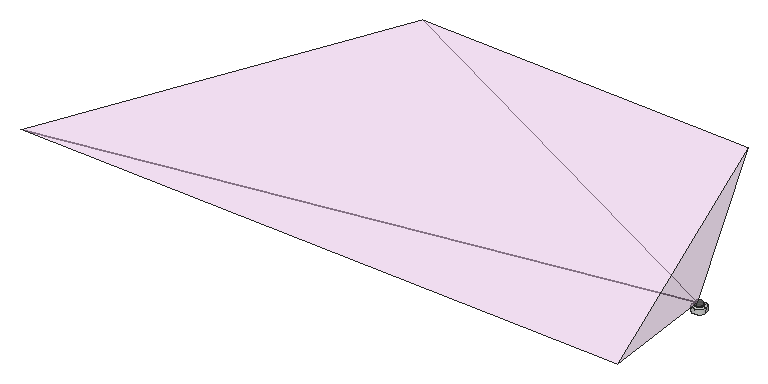
Revit family "Camera-Security-Panasonic-Super_Dynamic-Dome-AI-H265-Network-X2551LNSeriesX", category Security Devices, host Face, Revit 2019
Family settings
  Host = Face
  Maintain Annotation Orientation = No
  Round Connector Dimension = Use Diameter
  Part Type = Normal
  OmniClass Number = 23.85.10.14.11
  OmniClass Title = Cameras
  Cut with Voids When Loaded = No
  Shared = No
  Room Calculation Point = No
Parameters (values of type "WV-X2551LN")
  z Zero = 0.000"  # constant formula
  z Yaw Actual [instance] = if(and(On Wall, not(On Ceiling)), Yaw Actual, Yaw Actual + 180.00°)  # 180.00°
  z VV Viewpoint Depth Min = z VV Viewpoint Depth Max  # 1.18504"
  z VV Viewpoint Depth Max = if(Camera Number = 2551, 1.18504", if(Camera Number = 2571, 1.27953", 1.18504"))  # 1.18504"
  z VV Viewpoint Depth [instance] = (z VV Viewpoint Depth Max - z VV Viewpoint Depth Min) * z HFOV Ratio + z VV Viewpoint Depth Min  # 1.18504"
  z VV Origin Horizontal Offset [instance] = 0.000"
  z VV Origin HeightX [instance] = 2.42126"  # constant formula
  z VV Origin Height [instance] = if(z Decoration Cover Visible, z Embedded Bottom Offset + z VV Origin HeightX, if(z Base Bracket Visible, z VV Origin HeightX + Base Bracket Height, z VV Origin HeightX))  # 2.42126"
  z VV Origin Angle [instance] = 0.00°
  z Tilt Actual [instance] = Tilt Actual  # 45.00°
  z Pan Actual Safe [instance] = if(Pan Actual = -180.00°, 180.00°, Pan Actual)  # 0.00°
  z Pan Actual [instance] = Pan Actual  # 0.00°
  z Level Offset = 7.87402"  # constant formula
  z HFOV Ratio [instance] = (Horizontal FOV Actual - Horizontal FOV Min) / (Horizontal FOV Max - Horizontal FOV Min)  # 0.38571
  z Dome Radius = Dome Diameter / 2  # 1.65354"
  z Decoration Cover Visible [instance] = Set with Decoration Cover  # no
  z Const Yaw Handle Length = 9.25197"  # constant formula
  z Const Yaw Base2 Length = 17.32283"  # constant formula
  z Const Yaw Base Length = 10.23622"  # constant formula
  z Const Tilt Handle Length = 11.81102"  # constant formula
  z Const Tilt Base2 Length = 19.68504"  # constant formula
  z Const Tilt Base Length = 9.84252"  # constant formula
  z Const Pan Handle Length = 19.48819"  # constant formula
  z Embedded Bottom Offset = -1.68504"
  Camera Number = 2551
  z Camera Top Height [instance] = if(z Decoration Cover Visible, z Level Offset + Base Height + z Embedded Bottom Offset, if(z Base Bracket Visible, z Level Offset + z Camera Bottom Offset + Base Height, z Level Offset + Base Height))  # 10.07874"
  z Camera Radius2 = z Camera Radius * 0.7  # 2.12205"
  z Camera Radius = 3.0315"
  z Camera Center Offset [instance] = 0.000"
  z Camera Bottom Offset [instance] = Base Bracket Height  # 1.41732"
  z Camera Bottom Height [instance] = if(z Base Bracket Visible, z Level Offset + z Camera Bottom Offset, z Level Offset)  # 7.87402"
  z Camera Angle [instance] = 90.00°
  z Base Visible [instance] = not(z Decoration Cover Visible)  # yes
  z Base Bracket Visible [instance] = and(Has Base Bracket, not(z Decoration Cover Visible))  # no
  Yawing Range = "-100 to +100"  # constant formula
  Wide Dynamic Range = yes
  Water and Dust Resistance = "IP66 (IEC60529), Type 4X(UL50E), NEMA 4X compliant"
  WQHD = Resolution : WQHD
  Voltage DC = 12 V  # constant formula
  Shock Resistance = "50J (IEC 60068-2-75 compliant), IK10 (IEC 62262)"
  Resolution [instance] = Resolution : 5M
  HD = Resolution : HD
  Full HD = Resolution : Full HD
  Decoration Cover Radius = 4.13976"
  Decoration Cover Wall Height = 0.11811"  # constant formula
  Decoration Cover Hole Radius = 1.634"
  Decoration Cover Height = 0.51969"
  5M = Resolution : 5M
  Base Radius = 3.0315"
  z Dome Offset [instance] = 2.20472"
  Yaw Min = -100.00°  # constant formula
  Yaw Max = 100.00°  # constant formula
  Yaw Desired [instance] = 0.00°
  Yaw Actual [instance] = if(Yaw Desired > Yaw Max, Yaw Max, if(Yaw Desired < Yaw Min, Yaw Min, Yaw Desired))  # 0.00°
  Weight [instance] = 3.53 lbf
  Vertical FOV Min [instance] = if(and(Aspect Ratio 4_3, not(Aspect Ratio 16_9)), VFOV Min 43, VFOV Min 169)  # 19.00°
  Vertical FOV Max [instance] = if(and(Aspect Ratio 4_3, not(Aspect Ratio 16_9)), VFOV Max 43, VFOV Max 169)  # 55.00°
  Vertical FOV Actual [instance] = z HFOV Ratio * (Vertical FOV Max - Vertical FOV Min) + Vertical FOV Min  # 32.8857°
  Vandal Resistant = yes
  VFOV Min 43 = VFOV Min 169  # 19.00°
  VFOV Min 169 = 19.00°
  VFOV Max 43 = VFOV Max 169  # 55.00°
  VFOV Max 169 = 55.00°
  URL = "http://security.panasonic.com/pss/security/"
  Tilting Range = "-30 to +85"  # constant formula
  Tilt Min = -30.00°  # constant formula
  Tilt Max = 85.00°  # constant formula
  Tilt Desired [instance] = 45.00°
  Tilt Actual [instance] = if(Tilt Desired > Tilt Max, Tilt Max, if(Tilt Desired < Tilt Min, Tilt Min, Tilt Desired))  # 45.00°
  Storage Temperature = Operational Temperature  # "-40 °F to 140 °F"
  Show View Volume [instance] = yes
  Set with Decoration Cover [instance] = no
  Regulatory Compliance = "UL (UL60950-1), c-UL (CSA C22.2 No.60950-1), CE, IEC60950-1, FCC (Part15 ClassA), ICES003 ClassA, EN55032 ClassB, EN55024"  # constant formula
  Provide Feedback = "https://www.surveymonkey.com/s/95FL6QY"
  Product Page URL = "https://security.panasonic.com/products_technology/products/wv-x2551ln/"
  Product Material = Paint - Panasonic -i-Pro White
  Product Documentation Link = "https://bizpartner.panasonic.net/public/ppr/product/11186?accordion_tab=96"
  Power Active = 11.8 W
  Part Number = Model  # "WV-X2551LN"
  Part Description = Description  # "Security Camera, Fixed Dome, Network, Super Dynamic  Vandal Resistant  Weatherproof, AI, H.265, 5M, WV-X2551LN"
  Panning Range = "-180 to +180"  # constant formula
  Pan Min = -180.00°
  Pan Max = 180.00°
  Pan Desired [instance] = 0.00°
  Pan Actual [instance] = if(Pan Desired > Pan Max, Pan Max, if(Pan Desired < Pan Min, Pan Min, Pan Desired))  # 0.00°
  PPM Desired [instance] = 300
  PPM Actual [instance] = if(PPM Desired > 1, PPM Desired, 1)  # 300
  Original Creation Date = "2020/05/12"
  Operational Temperature = "-40 °F to 140 °F"
  Operational Humidity = "10 to 100 % (no condensation)"
  On Wall [instance] = no
  On Ceiling [instance] = yes
  Mounting Positions = "Mount Dependent or Surface Mount"
  Model Disclaimer = "Contact Panasonic for more information"  # constant formula
  Model = "WV-X2551LN"
  Minimum Illumination = 0.070 lx
  Manufacturer = "Panasonic"  # constant formula
  Indoor Or Outdoor = "Outdoor"
  IP Or Analog = "IP"  # constant formula
  Horizontal Resolution Actual [instance] = if(and(Aspect Ratio 4_3, not(Aspect Ratio 16_9)), Horizontal Resolution 43, Horizontal Resolution 169)  # 3072
  Horizontal Resolution 43 [instance] = Horizontal Resolution 169  # 3072
  Horizontal Resolution 169 [instance] = if(and(Camera Number = 2571, Resolution = [4K]), 3840, if(and(Camera Number = 2551, Resolution = [5M]), 3072, if(and(not(Camera Number = 2571), Resolution = [4K]), 3072, if(and(not(Camera Number = 2551), Resolution = [5M]), 3840, if(Resolution = WQHD, 2560, if(Resolution = Full HD, 1920, if(Resolution = HD, 1280, 3840)))))))  # 3072
  Horizontal FOV Min [instance] = if(and(Aspect Ratio 4_3, not(Aspect Ratio 16_9)), HFOV Min 43, HFOV Min 169)  # 33.00°
  Horizontal FOV Max [instance] = if(and(Aspect Ratio 4_3, not(Aspect Ratio 16_9)), HFOV Max 43, HFOV Max 169)  # 103.00°
  Horizontal FOV Desired [instance] = 60.00°
  Horizontal FOV Actual [instance] = if(Horizontal FOV Desired > Horizontal FOV Max, Horizontal FOV Max, if(Horizontal FOV Desired < Horizontal FOV Min, Horizontal FOV Min, Horizontal FOV Desired))  # 60.00°
  Height = 5.47244"
  Has POE = yes
  Has Base Bracket [instance] = no
  HFOV Min 43 = HFOV Min 169  # 33.00°
  HFOV Min 169 = 33.00°
  HFOV Max 43 = HFOV Max 169  # 103.00°
  HFOV Max 169 = 103.00°
  Family Version = "1.0.0"  # constant formula
  Equipment Number [instance] = ""
  Equipment Abbreviation = "SC"
  Dome Diameter = 3.30709"
  Dome Bottom Offset = 0.19685"
  Distance to Screen [instance] = 393.70079"
  Distance to PPM Target [instance] = if(PPM Actual = 0, 0.000", 39.37008" * Horizontal Resolution Actual / (PPM Actual * 2 * tan(Horizontal FOV Actual / 2)))  # 349.1378"
  Distance to Floor [instance] = 118.11024"
  Distance to Ceiling [instance] = 0.000"
  Diameter = 6.45669"
  Description = "Security Camera, Fixed Dome, Network, Super Dynamic  Vandal Resistant  Weatherproof, AI, H.265, 5M, WV-X2551LN"
  Default Elevation = 0.000"
  Day Or Night = "Yes"  # constant formula
  Date Last Modified = "2020/05/12"
  Copyright = "Copyright © Panasonic"  # constant formula
  Communication Ports = "10Base-T / 100Base-TX, RJ45 connector"  # constant formula
  Base Bracket Height = 1.41732"
  Base Height = 2.20472"
  Audio Out = "Yes"  # constant formula
  Audio In = "Yes"  # constant formula
  Aspect Ratio 4_3 [instance] = not(Aspect Ratio 16_9)  # no
  Aspect Ratio 16_9 [instance] = (1 = 1)  # yes
  Angle Of View = "103"
  Alarm Input Or Output Specification = "ALARM IN 1(Alarm input 1/ Black & white input/ Auto time adjustment input) (x1), ALARM IN 2 (Alarm input 2/ ALARM OUT) (x1) , ALARM IN 3 (Alarm input 3/ AUX OUT) (x1)"  # constant formula
  Accessory Part Number [instance] = if(Set with Decoration Cover, "WV-QEM500-W", "Select a Mounting Option")  # "Select a Mounting Option"
  4K = Resolution : 4K
Types (2): name | z VV Viewpoint Depth Min | z VV Viewpoint Depth Max | z VV Viewpoint Depth | z HFOV Ratio | Camera Number | Resolution | Vertical FOV Min | Vertical FOV Actual | VFOV Min 43 | VFOV Min 169 | Product Page URL | Product Documentation Link | Part Number | Part Description | Original Creation Date | Model | Minimum Illumination | Horizontal Resolution Actual | Horizontal Resolution 43 | Horizontal Resolution 169 | Horizontal FOV Min | Horizontal FOV Max | HFOV Min 43 | HFOV Min 169 | HFOV Max 43 | HFOV Max 169 | Distance to PPM Target | Description | Date Last Modified | Angle Of View
  WV-X2551LN | 1.18504" | 1.18504" | 1.18504" | 0.38571 | 2551 | Resolution : 5M | 19.00° | 32.8857° | 19.00° | 19.00° | "https://security.panasonic.com/products_technology/products/wv-x2551ln/" | "https://bizpartner.panasonic.net/public/ppr/product/11186?accordion_tab=96" | "WV-X2551LN" | "Security Camera, Fixed Dome, Network, Super Dynamic  Vandal Resistant  Weatherproof, AI, H.265, 5M, WV-X2551LN" | "2020/05/12" | "WV-X2551LN" | 0.070 lx | 3072 | 3072 | 3072 | 33.00° | 103.00° | 33.00° | 33.00° | 103.00° | 103.00° | 349.1378" | "Security Camera, Fixed Dome, Network, Super Dynamic  Vandal Resistant  Weatherproof, AI, H.265, 5M, WV-X2551LN" | "2020/05/12" | "103"
  WV-X2571LN | 1.27953" | 1.27953" | 1.27953" | 0.16327 | 2571 | Resolution : 4K | 29.00° | 33.2449° | 29.00° | 29.00° | "https://security.panasonic.com/products_technology/products/wv-x2571ln/" | "https://bizpartner.panasonic.net/public/ppr/product/11185?accordion_tab=96" | "WV-X2571LN" | "Security Camera, Fixed Dome, Network, Super Dynamic  Vandal Resistant  Weatherproof, AI, H.265, 4K, WV-X2571LN" | "2020/08/21" | "WV-X2571LN" | 0.090 lx | 3840 | 3840 | 3840 | 52.00° | 101.00° | 52.00° | 52.00° | 101.00° | 101.00° | 436.42225" | "Security Camera, Fixed Dome, Network, Super Dynamic  Vandal Resistant  Weatherproof, AI, H.265, 4K, WV-X2571LN" | "2020/08/21" | "101"
Reference planes (in)
  plane 1 "Center (Front/Back)": y = 0
  plane 2: z = 0
  plane 3 "Center (Left/Right)": x = 0
  plane 4 "Body Bottom": z = 0
  plane 5: y = 0
  plane 6 "Level Offset": z = -7.87402
  plane 7 "BP": z = 2.42126
  plane 8: z = 2.20472
  plane 9: z = 2.40157
  plane 10: z = 4.05512
Forms (in)
  Revolve 1, solid, material "Paint - Panasonic -i-Pro White" <- "Product Material"
    sketch origin (0, 0, 0) x (0, 0, 1) y (1, 0, 0)
      loop
        line (0.00001, 3.0315) -> (0.00001, 0) -> (2.20472, 0) -> (2.20472, 2.12205) -> (1.70472, 2.88235) -> (0.00001, 3.0315)
      axis (2.20472, 0) -> (0.00001, 0)
    angle from 0 to 360
  Revolve 2, solid, material "Glass - Panasonic - Black"
    sketch origin (0, 0, 0) x (0, 1, 0) y (0, 0, 1)
      loop
        arc (1.65354, 2.40157) -> (1.16923, 3.57081) -> (0, 4.05512) r 1.65354
        line (0, 4.05512) -> (0, 2.20472) -> (1.65354, 2.20472) -> (1.65354, 2.40157)
      axis (0, 2.20472) -> (0, 4.05512)
    angle from 0 to 360
  Extrusion 3, solid
    sketch origin (0, 0, 0) x (1, 0, 0) y (0, 1, 0)
      loop
        circle (0, 0) r 0.3937
    from 0 to 0.3937
Lines and regions (in)
  reference lines
    curve 1: line (0, 0, 0) -> (0, 0, 2.20472)
    curve 2: line (0, -1, 10.89222) -> (0, 1, 10.89222)
  symbolic lines, not visible
    curve 3: line (-1.15, -2.6875, 0) -> (1.15, -2.6875, 0)
Dimensions and locks (in)
  "z Camera Center Offset": plane 5 to plane 1 "Center (Front/Back)"
  "z Level Offset": level to plane 6 "Level Offset"
  "z Camera Bottom Height": plane 4 "Body Bottom" to plane 6 "Level Offset"
  "z VV Origin Height": plane 7 "BP" to level
  "z Camera Top Height": plane 8 to plane 6 "Level Offset"
  "Dome Bottom Offset": plane 8 to plane 9
  "z Dome Radius": plane 10 to plane 9
  "z Camera Radius": Revolve 1 sketch curve to plane 3 "Center (Left/Right)"
  locked: Revolve 1 sketch curve to Revolve 1 sketch curve at 0.5
  "z Camera Radius2": Revolve 1 sketch curve to plane 3 "Center (Left/Right)"
  "z Dome Radius": radius of Revolve 2 sketch curve
  "z Camera Angle": angle curve 1 to plane 4 "Body Bottom"
  locked: Revolve 1 sketch curve to Revolve 1 sketch curve (angle 85.00°)
  aligned and locked: plane 2 to host face
  aligned and locked: level to host face
  aligned and locked: plane 5 to curve 1
  aligned and locked: nested 1 to plane 3 "Center (Left/Right)"
  aligned and locked: nested 1 to plane 1 "Center (Front/Back)"
  aligned and locked: plane 8 to Revolve 1 sketch curve
Automatic sketch dimensions
  host sketch curve to host sketch curve = 96.000"  (x2)
  curve 3 to plane 3 "Center (Left/Right)" = 1.150"
  plane 3 "Center (Left/Right)" to curve 3 = 1.150"
  curve 1 to curve 2 = 1.000"
  curve 1 to curve 2 = 8.6875"
  curve 2 to curve 1 = 1.000"
  plane 1 "Center (Front/Back)" to curve 3 = 2.6875"
  Revolve 2 sketch curve to plane 1 "Center (Front/Back)" = 0.000"
  Revolve 2 sketch curve to plane 9 = 0.000"
  plane 8 to Revolve 2 sketch curve = 0.000"
  Revolve 2 sketch curve to plane 10 = 0.000"
  plane 1 "Center (Front/Back)" to Extrusion 3 sketch curve = 0.000"
  Extrusion 3 sketch curve to plane 3 "Center (Left/Right)" = 0.000"
  curve 1 to level = 0.000"
  Revolve 1 sketch curve to plane 3 "Center (Left/Right)" = 0.000"  (x2)
  level to Revolve 1 sketch curve = 0.00001"
  Revolve 1 sketch curve to level = 0.45341"
  plane 7 "BP" to Revolve 1 sketch curve = 0.01657"
  radius of Extrusion 3 sketch curve = 0.3937"
Nested families (in)
  nested 1: "Camera-Security-Panasonic-ViewVolumePTYZ" at (0, 0, 2.42126), Viewpoint Depth <- "z VV Viewpoint Depth", Base Height Offset <- "z VV Origin Height", Base Angle Offset <- "z VV Origin Angle", Viewpoint Origin Horizontal Offset <- "z VV Origin Horizontal Offset", Yaw <- "Yaw Actual", Tilt <- "Tilt Actual", Pan <- "Pan Actual", HFOV <- "Horizontal FOV Actual", VFOV <- "Vertical FOV Actual", On Wall <- "On Wall", On Ceiling <- "On Ceiling", Screen Depth <- "Distance to Screen", Floor Distance <- "Distance to Floor", Ceiling Distance <- "Distance to Ceiling", Target Depth <- "Distance to PPM Target", visible <- "Show View Volume", type "Camera-Security-Panasonic-ViewVolumePTYZ"
    with z Yaw Actual 0.00°, z Void Width 1249.22068", z Void Thickness 397.30709", z Void Height Start -624.61034", z Void Height End 624.61034", z Void Direction 0, z Void Angle 0.00°, z Viewpoint Depth 1.18504", z Tilt Actual 45.00°, z Target Width 403.14961", z Target Visible yes, z Target Height 206.08136", z Target Depth 350.32284", z Screen Width 454.60651", z Screen Height 232.38502", z Screen Depth 394.88583", z Pan Actual 0.00°, z Floor Distance 118.11024", z Ceiling Distance 0.000", Yaw 0.00°, Viewpoint Origin Horizontal Offset 0.000", Viewpoint Depth 1.18504", VFOV 32.8857°, Tilt 45.00°, Target Depth 349.1378", Screen Depth 393.70079", Pan 0.00°, On Wall no, On Floor no, On Default Mount Type 0, On Ceiling yes, HFOV 60.00°, Floor Distance 118.11024", Ceiling Distance 0.000", Base Height Offset 2.42126", Base Angle Offset 0.00°
  nested 2: "Base Bracket" at (0, 0, 0), visible <- "z Base Bracket Visible", Base Bracket Height <- "Base Bracket Height", Visible <- "z Base Bracket Visible", Product Material <- "Product Material", type "Base Bracket"
    with Visible no, Product Material Paint - Panasonic -i-Pro White, Inner Diameter 3.14961", Base Bracket Height 1.41732", Base Bracket Diameter 3.22835"
  nested 3: "Decoration Cover" at (0, 0, 0), visible <- "z Decoration Cover Visible", Product Material <- "Product Material", Decoration Cover Radius <- "Decoration Cover Radius", Decoration Cover Height <- "Decoration Cover Height", Hole Radius <- "Decoration Cover Hole Radius", Wall Height <- "Decoration Cover Wall Height", type "Decoration Cover"
    with Wall Height 0.11811", Top Ring Width 0.41398", Product Material Paint - Panasonic -i-Pro White, Hole Radius 1.634", Decoration Cover Radius 4.13976", Decoration Cover Height 0.51969"
Connectors (in)
  electrical at (0, 0, 0), driven by "Power Active", driven by "Voltage DC"
    settings: on host face, index 3, voltage 12 V, apparent load 11.8 W, apparent load phase1 0.0 W, apparent load phase2 0.0 W, apparent load phase3 0.0 W, power factor 1, load classification "Other", number of poles 1, system type 30, power factor state 1, is connector primary yes, connector utility no, sub classification motor no, connector description "Electrical Connection"
  electrical at (0, 0, 0)
    settings: on Extrusion 3, index 5, voltage 0 V, apparent load 0.0 W, apparent load phase1 0.0 W, apparent load phase2 0.0 W, apparent load phase3 0.0 W, power factor 1, load classification "Other", number of poles 1, system type 5, power factor state 1, is connector primary no, connector utility no, sub classification motor no, connector description "Data Connection"
Definition of nested family "Camera-Security-Panasonic-ViewVolumePTYZ"
  Parameters
    z Yaw Actual [instance] = if(Yaw < 0.00°, 360.00° - (abs(Yaw) - rounddown(abs(Yaw) / 360.00°) * 360.00°), Yaw - rounddown(Yaw / 360.00°) * 360.00°)  # 0.00°
    z Void Width [instance] = if(z Screen Width > z Screen Height, z Screen Width, z Screen Height) + abs(Viewpoint Origin Horizontal Offset) + z Void Thickness * 2  # 1265.63013"
    z Void Thickness [instance] = z Screen Depth + abs(Base Height Offset)  # 405.51181"
    z Void Height Start [instance] = -z Void Width / 2  # -632.81507"
    z Void Height End [instance] = z Void Width / 2  # 632.81507"
    z Void Direction [instance] = if((if(On Wall, 1, 0) + if(On Floor, 1, 0) + if(On Ceiling, 1, 0)) = 1, if(On Ceiling, 0, if(On Wall, 1, 2)), On Default Mount Type)  # 0
    z Viewpoint Depth [instance] = if(Viewpoint Depth < 0.03937", 0.03937", Viewpoint Depth)  # 5.90551"
    z Tilt Actual [instance] = if(Tilt < 0.00°, 360.00° - (abs(Tilt) - rounddown(abs(Tilt) / 360.00°) * 360.00°), Tilt - rounddown(Tilt / 360.00°) * 360.00°)  # 45.00°
    z Target Visible [instance] = not(Screen Depth < Target Depth)  # yes
    z Target Thickness Start = -z Target Thickness / 2  # -0.03937"
    z Target Thickness End = z Target Thickness / 2  # 0.03937"
    z Target Depth [instance] = Target Depth + Viewpoint Depth  # 84.64567"
    z Pan Actual [instance] = if(Pan < 0.00°, 360.00° - (abs(Pan) - rounddown(abs(Pan) / 360.00°) * 360.00°), Pan - rounddown(Pan / 360.00°) * 360.00°)  # 0.00°
    z Floor Distance [instance] = if(z Void Direction = 2, if(Floor Distance < 0.000", 0.000", Floor Distance), if(Floor Distance < 0.3937", 0.3937", Floor Distance))  # 118.11024"
    z Const Yaw Base2 Length = 17.32283"  # constant formula
    z Const Tilt Base2 Length = 19.68504"  # constant formula
    z Ceiling Distance [instance] = if(z Void Direction = 2, if(Ceiling Distance < 0.3937", 0.3937", Ceiling Distance), if(Ceiling Distance < 0.000", 0.000", Ceiling Distance))  # 0.000"
    z Const Void Handle Length = 23.62205"  # constant formula
    z Void Angle [instance] = if(z Void Direction = 0, 0.00° + Base Angle Offset, if(z Void Direction = 1, 90.00° + Base Angle Offset, 180.00° + Base Angle Offset))  # 0.00°
    z Screen Depth [instance] = if(Screen Depth < 3.93701", 3.93701" + Viewpoint Depth, Screen Depth + Viewpoint Depth)  # 399.6063"
    Original Creation Date = "September, 15, 2016"  # constant formula
    On Default Mount Type [instance] = 0
    Manufacturer = "Panasonic"  # constant formula
    Family Version = "1.0.0"  # constant formula
    Default Elevation = 48.000"
    Date Last Modified = "September, 15, 2016"  # constant formula
    Copyright = "Copyright © Panasonic"  # constant formula
    Base Height Offset [instance] = 5.90551"
    Base Angle Offset [instance] = 0.00°
    z Viewpoint Width = 0.03937"  # constant formula
    z Viewpoint Height = 0.03937"  # constant formula
    VFOV [instance] = 33.75°
    z Target Width [instance] = Target Depth * tan(HFOV / 2) * 2  # 90.9213"
    z Target Thickness = 0.07874"  # constant formula
    z Target Height [instance] = Target Depth * tan(VFOV / 2) * 2  # 47.77113"
    Target Depth [instance] = 78.74016"
    z Screen Width [instance] = (z Screen Depth - Viewpoint Depth) * tan(HFOV / 2) * 2  # 454.60651"
    z Screen Height [instance] = (z Screen Depth - Viewpoint Depth) * tan(VFOV / 2) * 2  # 238.85566"
    Screen Depth [instance] = 393.70079"
    z Const Yaw Handle Length = 9.25197"  # constant formula
    z Const Yaw Base Length = 10.23622"  # constant formula
    Viewpoint Depth [instance] = 5.90551"
    Viewpoint Origin Horizontal Offset [instance] = 0.000"
    z Const Tilt Handle Length = 14.17323"  # constant formula
    z Const Tilt Base Length = 9.84252"  # constant formula
    z Const Pan Handle Length = 19.68504"  # constant formula
    z Const Pan Axis Length = 15.74803"  # constant formula
    On Wall [instance] = no
    On Floor [instance] = no
    On Ceiling [instance] = yes
    HFOV [instance] = 60.00°
    Yaw [instance] = 0.00°
    Tilt [instance] = 45.00°
    Pan [instance] = 0.00°
    Floor Distance [instance] = 118.11024"
    Ceiling Distance [instance] = 0.000"
  Reference planes (in)
    plane 1 "Center (Front/Back)": y = 0
    plane 2: z = 0
    plane 3 "Center (Left/Right)": x = 0
    plane 4 "VoidOffsetBase": z = -5.90551
  Forms (in)
    Extrusion 1, void
      sketch origin (0, 0, -5.90551) x (0, 0, 1) y (0, -1, 0)
        loop
          line (523.62205, 632.81507) -> (118.11024, 632.81507) -> (118.11024, -632.81507) -> (523.62205, -632.81507) -> (523.62205, 632.81507)
        loop
          line (0, 632.81507) -> (-405.51181, 632.81507) -> (-405.51181, -632.81507) -> (0, -632.81507) -> (0, 632.81507)
      from -632.81507 <- "z Void Height Start" to 632.81507 <- "z Void Height End"
    Blend 2, solid
      base sketch origin (0, -4.17583, 4.17583) x (0, 0.707107, 0.707107) y (-1, 0, 0)
        loop
          line (-0.01969, -0.01969) -> (0.01969, -0.01969) -> (0.01969, 0.01969) -> (-0.01969, 0.01969) -> (-0.01969, -0.01969)
      top sketch origin (0, -282.56432, 282.56432) x (0, 0.707107, 0.707107) y (-1, 0, 0)
        loop
          line (-119.42783, -227.30326) -> (119.42783, -227.30326) -> (119.42783, 227.30326) -> (-119.42783, 227.30326) -> (-119.42783, -227.30326)
      from 0 to 0
    Extrusion 3, solid, visible <- "z Target Visible"
      sketch origin (0, -59.85353, 59.85353) x (0, 0.707107, 0.707107) y (-1, 0, 0)
        loop
          line (-23.88557, -45.46065) -> (23.88557, -45.46065) -> (23.88557, 45.46065) -> (-23.88557, 45.46065) -> (-23.88557, -45.46065)
      from -0.03937 <- "z Target Thickness Start" to 0.03937 <- "z Target Thickness End"
  Cuts and joins
    Extrusion 1 cuts Blend 2
    Extrusion 1 cuts Extrusion 3
  Lines and regions (in)
    reference lines
      curve 1: line (0, 0, 0) -> (19.68504, 0, 0)
      curve 2: line (0, 0, -15.74803) -> (0, 0, 0)
      curve 3: line (0, 0, 0) -> (0, -9.84252, 0)
      curve 4: line (0, 0, 0) -> (0, 0, 19.68504)
      curve 5: line (0, -10.02199, 10.02199) -> (0, 0, 0)
      curve 6: line (0, 0, 0) -> (0, 7.2381, 7.2381)
      curve 7: line (0, 0, 0) -> (-17.32283, 0, 0)
      curve 8: line (0, 0, 0) -> (-9.25197, 0, 0)
      curve 9: line (0, -4.17583, 4.17583) -> (0, 0, 0)
      curve 10: line (0, 0, 0) -> (0, -59.85353, 59.85353)
      curve 11: line (0, 0, 0) -> (0, -282.56432, 282.56432)
      curve 12: line (-0.01969, -4.16191, 4.18975) -> (0.01969, -4.16191, 4.18975)
      curve 13: line (-0.01969, -4.18975, 4.16191) -> (0.01969, -4.18975, 4.16191)
      curve 14: line (-0.01969, -4.16191, 4.18975) -> (-0.01969, -4.18975, 4.16191)
      curve 15: line (0.01969, -4.16191, 4.18975) -> (0.01969, -4.18975, 4.16191)
      curve 16: line (-45.46065, -42.96388, 76.74317) -> (45.46065, -42.96388, 76.74317)
      curve 17: line (-45.46065, -76.74317, 42.96388) -> (45.46065, -76.74317, 42.96388)
      curve 18: line (-45.46065, -42.96388, 76.74317) -> (-45.46065, -76.74317, 42.96388)
      curve 19: line (45.46065, -42.96388, 76.74317) -> (45.46065, -76.74317, 42.96388)
      curve 20: line (-227.30326, -198.1161, 367.01255) -> (-227.30326, -367.01255, 198.1161)
      curve 21: line (227.30326, -198.1161, 367.01255) -> (227.30326, -367.01255, 198.1161)
      curve 22: line (-227.30326, -198.1161, 367.01255) -> (227.30326, -198.1161, 367.01255)
      curve 23: line (-227.30326, -367.01255, 198.1161) -> (227.30326, -367.01255, 198.1161)
      curve 24: line (0, 0, -5.90551) -> (0, 0, 17.71654)
      curve 25: line (0, -632.81507, 517.71654) -> (0, 632.81507, 517.71654)
      curve 26: line (0, -632.81507, 112.20472) -> (0, -632.81507, 517.71654)
      curve 27: line (0, 632.81507, 112.20472) -> (0, -632.81507, 112.20472)
      curve 28: line (0, 632.81507, 517.71654) -> (0, 632.81507, 112.20472)
      curve 29: line (0, -632.81507, -5.90551) -> (0, 632.81507, -5.90551)
      curve 30: line (0, -632.81507, -411.41732) -> (0, -632.81507, -5.90551)
      curve 31: line (0, 632.81507, -411.41732) -> (0, -632.81507, -411.41732)
      curve 32: line (0, 632.81507, -5.90551) -> (0, 632.81507, -411.41732)
  Dimensions and locks (in)
    "z Const Pan Handle Length": curve 1 to curve 1
    "z Const Pan Axis Length": curve 2 to curve 2
    "z Const Tilt Base Length": curve 3 to curve 3
    "z Const Pan Axis Length": curve 1 to curve 2
    "Viewpoint Origin Horizontal Offset": curve 4 to curve 2
    "z Const Tilt Base2 Length": curve 4 to curve 4
    "z Const Tilt Handle Length": curve 5 to curve 5
    "z Const Yaw Base Length": curve 6 to curve 6
    "z Const Yaw Base2 Length": curve 7 to curve 7
    "z Const Yaw Handle Length": curve 8 to curve 8
    "z Viewpoint Depth": curve 9 to curve 9
    "z Target Depth": curve 10 to curve 10
    "z Screen Depth": curve 11 to curve 11
    equal spacing: curve 13, curve 9, curve 12
    "z Viewpoint Height": curve 13 to curve 12
    equal spacing: curve 14, curve 9, curve 15
    "z Viewpoint Width": curve 14 to curve 15
    equal spacing: curve 17, curve 10, curve 16
    "z Target Height": curve 17 to curve 16
    equal spacing: curve 18, curve 10, curve 19
    "z Target Width": curve 18 to curve 19
    equal spacing: curve 20, curve 11, curve 21
    "z Screen Width": curve 20 to curve 21
    equal spacing: curve 23, curve 11, curve 22
    "z Screen Height": curve 23 to curve 22
    "z Const Void Handle Length": curve 24 to curve 24
    equal spacing: curve 26, curve 24, curve 28
    "z Void Width": curve 26 to curve 28
    "z Floor Distance": curve 27 to curve 24
    "z Ceiling Distance": curve 29 to curve 24
    "z Void Thickness": curve 31 to curve 29
    "z Void Thickness": curve 25 to curve 27
    "Base Height Offset": level to plane 4 "VoidOffsetBase"
    locked: curve 3 to curve 2 (angle 90.00°)
    locked: curve 3 to curve 4 (angle 90.00°)
    "z Tilt Actual": angle curve 4 to curve 5
    locked: curve 6 to curve 7 (angle 90.00°)
    locked: curve 6 to curve 5 (angle 90.00°)
    locked: curve 9 to curve 5 (angle 0.00°)
    locked: curve 10 to curve 5 (angle 0.00°)
    locked: curve 11 to curve 5 (angle 0.00°)
    "z Void Angle": angle plane 1 "Center (Front/Back)" to curve 24
    "z Yaw Actual": angle curve 7 to curve 8
    "z Pan Actual": angle plane 1 "Center (Front/Back)" to curve 1
    aligned and locked: level to plane 2
    aligned and locked: curve 2 to curve 1
    aligned and locked: curve 2 to curve 3
    aligned and locked: curve 3 to curve 2
    aligned and locked: curve 3 to curve 5
    aligned and locked: curve 6 to curve 7
    aligned and locked: curve 6 to curve 8
    aligned and locked: curve 8 to curve 7
    aligned and locked: curve 7 to curve 6
    aligned and locked: curve 5 to curve 11
    aligned and locked: curve 11 to curve 8
    aligned and locked: curve 12 to curve 15
    aligned and locked: curve 15 to curve 15
    aligned and locked: curve 14 to curve 14
    aligned and locked: curve 13 to curve 15
    aligned and locked: curve 16 to curve 19
    aligned and locked: curve 18 to curve 18
    aligned and locked: curve 17 to curve 19
    aligned and locked: curve 22 to curve 22
    aligned and locked: curve 21 to curve 23
    aligned and locked: curve 20 to curve 23
    aligned and locked: curve 23 to curve 23
    aligned and locked: plane 1 "Center (Front/Back)" to curve 24
    aligned and locked: curve 30 to curve 26
    aligned and locked: curve 28 to curve 32
    aligned and locked: Extrusion 1 sketch curve to curve 25
    aligned and locked: Extrusion 1 sketch curve to curve 26
    aligned and locked: Extrusion 1 sketch curve to curve 27
    aligned and locked: Extrusion 1 sketch curve to curve 28
    aligned and locked: Extrusion 1 sketch curve to curve 29
    aligned and locked: Extrusion 1 sketch curve to curve 30
    aligned and locked: Extrusion 1 sketch curve to curve 31
    aligned and locked: Extrusion 1 sketch curve to curve 32
    aligned and locked: Extrusion 1 sketch curve to Extrusion 1 sketch curve  (x8)
    aligned and locked: Blend 2 sketch curve to curve 15
    aligned and locked: Blend 2 sketch curve to curve 13
    aligned and locked: Blend 2 sketch curve to curve 14
    aligned and locked: Blend 2 sketch curve to curve 12
    aligned and locked: Blend 2 sketch curve to Blend 2 sketch curve  (x8)
    aligned and locked: Blend 2 sketch curve to curve 21
    aligned and locked: Blend 2 sketch curve to curve 23
    aligned and locked: Blend 2 sketch curve to curve 20
    aligned and locked: Blend 2 sketch curve to curve 22
    aligned and locked: Extrusion 3 sketch curve to curve 19
    aligned and locked: Extrusion 3 sketch curve to curve 17
    aligned and locked: Extrusion 3 sketch curve to curve 18
    aligned and locked: Extrusion 3 sketch curve to curve 16
    aligned and locked: Extrusion 3 sketch curve to Extrusion 3 sketch curve  (x4)
    aligned and locked: plane 3 "Center (Left/Right)" to curve 1
    aligned and locked: plane 1 "Center (Front/Back)" to curve 1
    aligned and locked: level to curve 2
    aligned and locked: plane 4 "VoidOffsetBase" to curve 24
  Automatic sketch dimensions
    curve 6 to curve 5 = 0.000"
    curve 6 to curve 5 = 10.23622"
Definition of nested family "Decoration Cover"
  Parameters (values of type "Decoration Cover")
    Wall Height [instance] = 0.11811"
    Top Ring Width [instance] = Decoration Cover Radius / 10  # 0.36614"
    Product Material [instance] = none
    Hole Radius [instance] = 1.65354"
    Default Elevation = 48.000"
    Decoration Cover Height [instance] = 0.61811"
    Decoration Cover Radius [instance] = 3.66142"
  Reference planes (in)
    plane 1 "Center (Front/Back)": y = 0
    plane 2: z = 0
    plane 3 "Center (Left/Right)": x = 0
    plane 4: y = 3.66142
    plane 5: z = 0.61811
    plane 6: z = 0.11811
    plane 7: y = 1.65354
    plane 8: y = 2.01969
  Forms (in)
    Extrusion 1, solid
      sketch origin (0, 0, 0) x (1, 0, 0) y (0, 1, 0)
        loop
          line (-48, 48) -> (-48, -48) -> (48, -48) -> (48, 48) -> (-48, 48)
      from 0 to -12
    Revolve 2, solid, material <- "Product Material"
      sketch origin (0, 0, 0) x (0, 1, 0) y (0, 0, 1)
        loop
          line (2.01969, 0.61811) -> (1.65354, 0.61811) -> (1.65354, 0) -> (3.66142, 0) -> (3.66142, 0.11811) -> (2.01969, 0.61811)
        axis (0, 0) -> (0, 0.61811)
      angle from 0 to 360
  Dimensions and locks (in)
    "Decoration Cover Radius": plane 1 "Center (Front/Back)" to plane 4
    "Decoration Cover Height": plane 5 to level
    "Hole Radius": plane 1 "Center (Front/Back)" to plane 7
    "Top Ring Width": plane 7 to plane 8
    "Wall Height": plane 6 to level
    aligned and locked: plane 2 to Extrusion 1
    aligned and locked: level to Extrusion 1
    aligned and locked: Revolve 2 sketch curve to plane 4
    aligned and locked: plane 8 to Revolve 2 sketch curve
  Automatic sketch dimensions
    Extrusion 1 sketch curve to Extrusion 1 sketch curve = 96.000"  (x2)
    Revolve 2 sketch curve to plane 1 "Center (Front/Back)" = 0.000"
    Revolve 2 sketch curve to level = 0.000"
    Revolve 2 sketch curve to plane 7 = 0.000"
    Revolve 2 sketch curve to plane 6 = 0.000"
    Revolve 2 sketch curve to plane 5 = 0.000"
    Revolve 2 sketch curve to level = 24.000"
    plane 5 to Revolve 2 sketch curve = 91.65775"
